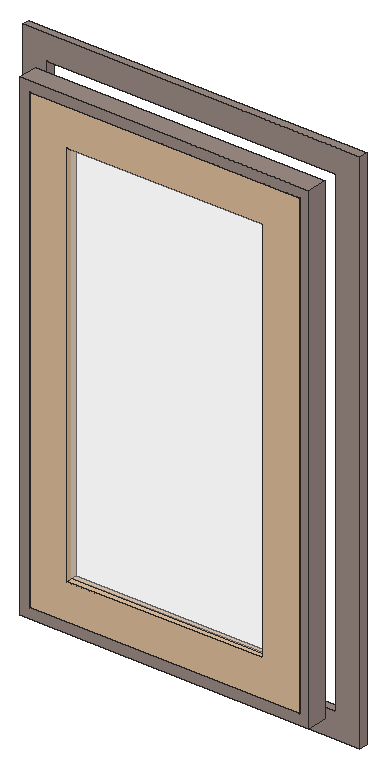
Revit family
Parameters (values of type "900 x 1500 mm")
  Top Rail = 100 mm
  Stile = 100 mm
  Shutter = Light Wood
  Height = 1500 mm
  Glass Panel = Glass (2)
  Frame Width = 45 mm
  Frame Depth = 60 mm
  Frame = Dark Wood
  Default Sill Height = 800 mm
  TrimProjection = 25 mm
  Wall Closure = (empty or 0)
  Width = 900 mm
  Bottom Rail = 100 mm
Types (4, lengths in mm): name | Width
  (no name) | 900
  900 x 1500 mm | 900
  750 x 1500 mm | 750
  1000 x 1500 mm | 1000
Reference planes
  plane 1: y = 0
  plane 2 "Center (Left/Right)": x = 0
  plane 3 "Left": x = -450
  plane 4 "Right": x = 450
  plane 5 "Sill": z = 800
  plane 6 "Head": z = 2300
  plane 7 "Exterior": y = 75
  plane 8 "Interior": y = -75
  plane 9: x = -405
  plane 10: x = 405
  plane 11: y = 30
  plane 12: y = -30
  plane 13: z = 2255
  plane 14: z = 845
  plane 15: x = -305
  plane 16: x = 305
  plane 17: z = 2155
  plane 18: z = 945
Forms (mm)
  Extrusion 1, solid, material "Dark Wood" <- "Frame", detail levels medium+fine
    sketch origin (3500, 75, 0) x (-1, 0, 0) y (0, 0, 1)
      loop
        line (3050, 2300) -> (3050, 800) -> (3950, 800) -> (3950, 2300) -> (3050, 2300)
      loop
        line (2975, 2375) -> (2975, 725) -> (4025, 725) -> (4025, 2375) -> (2975, 2375)
    from 0 to 25
  Sweep 2, solid, material "Dark Wood" <- "Frame"
    path origin (0, 0, 0) x (1, 0, 0) y (0, 0, 1)
      loop
        line (-450, 800) -> (450, 800) -> (450, 2300) -> (-450, 2300) -> (-450, 800)
    profile origin (0, 0, 1550) x (-1, 0, 0) y (0, -1, 0)
      loop
        line (450, 30) -> (420, 30) -> (420, -5) -> (405, -5) -> (405, -30) -> (450, -30) -> (450, 30)
  Extrusion 3, solid, material "Light Wood" <- "Shutter"
    sketch origin (0, -30, 0) x (1, 0, 0) y (0, 0, 1)
      loop
        line (-420, 2270) -> (-420, 830) -> (420, 830) -> (420, 2270) -> (-420, 2270)
      loop
        line (-305, 2155) -> (-305, 945) -> (305, 945) -> (305, 2155) -> (-305, 2155)
    from 0 to -35
  Extrusion 4, solid, material "Glass (2)" <- "Glass Panel"
    sketch origin (0, 0, 945) x (0, -1, 0) y (-1, 0, 0)
      loop
        line (14.5, 305) -> (10.5, 305) -> (10.5, -305) -> (14.5, -305) -> (14.5, 305)
    from 0 to -1210
Lines and regions (mm)
  Opening 1
    outline origin (3500, -75, 0) x (1, 0, 0) y (0, 0, 1)
      loop
        line (-3050, 800) -> (-3050, 2300) -> (-3950, 2300) -> (-3950, 800) -> (-3050, 800)
  symbolic lines, style "WindowsFrameMullionProjection", detail levels medium+fine
    curve 1: line (-450, 30, 0) -> (-450, -30, 0)
    curve 2: line (-450, 30, 0) -> (-405, 30, 0)
    curve 3: line (-450, -30, 0) -> (-420, -30, 0)
    curve 4: line (-405, 30, 0) -> (-405, 5, 0)
    curve 5: line (-405, 5, 0) -> (-420, 5, 0)
    curve 6: line (-420, -30, 0) -> (-420, 5, 0)
    curve 7: line (405, 30, 0) -> (405, 5, 0)
    curve 8: line (405, 5, 0) -> (420, 5, 0)
    curve 9: line (420, 5, 0) -> (420, -30, 0)
    curve 10: line (405, 30, 0) -> (450, 30, 0)
    curve 11: line (450, 30, 0) -> (450, -30, 0)
    curve 12: line (450, -30, 0) -> (420, -30, 0)
  symbolic lines, style "Plan Swing", detail levels coarse
    curve 13: line (385, -30, 0) -> (420, -30, 0)
  symbolic lines, style "Plan Swing"
    curve 14: line (-420, 5, 0) -> (420, 5, 0)
    curve 15: line (-420, -30, 0) -> (420, -30, 0)
  symbolic lines, style "Trim"
    curve 16: line (-525, 100, 0) -> (525, 100, 0)
    curve 17: line (-525, 75, 0) -> (-525, 100, 0)
    curve 18: line (525, 75, 0) -> (-525, 75, 0)
    curve 19: line (525, 100, 0) -> (525, 75, 0)
  symbolic lines, style "WindowsFrameMullionProjection", detail levels coarse
    curve 20: line (-420, -30, 0) -> (-450, -30, 0)
    curve 21: line (-420, 30, 0) -> (-420, -30, 0)
    curve 22: line (-450, 30, 0) -> (-420, 30, 0)
    curve 23: line (-450, -30, 0) -> (-450, 30, 0)
    curve 24: line (420, -30, 0) -> (450, -30, 0)
    curve 25: line (420, 30, 0) -> (420, -30, 0)
    curve 26: line (450, 30, 0) -> (420, 30, 0)
    curve 27: line (450, -30, 0) -> (450, 30, 0)
  symbolic lines, style "Elevation Swing Coarse", detail levels coarse
    curve 28: line (-405, 0, 2255) -> (405, 0, 1550)
    curve 29: line (405, 0, 1550) -> (-405, 0, 845)
  symbolic lines, style "Elevation Swing Medium", detail levels medium
    curve 30: line (-405, 0, 2255) -> (405, 0, 1550)
    curve 31: line (405, 0, 1550) -> (-405, 0, 845)
  symbolic lines, style "Elevation Swing Fine", detail levels fine
    curve 32: line (-405, 0, 2255) -> (405, 0, 1550)
    curve 33: line (405, 0, 1550) -> (-405, 0, 845)
Text (mm)
  text "EXTERIOR" at (-1981.535, 863.181, 0), in view "Ref. Level"
  text "INTERIOR" at (-2017.992, -707.606, 0), in view "Ref. Level"
  text "Exterior" at (0, 923.751, 2943.296), in view "Right"
  text "Exterior" at (0, 1019.841, 2788.626), in view "Left"
Dimensions and locks
  equal spacing: plane 3 "Left", plane 2 "Center (Left/Right)", plane 4 "Right"
  "Width": plane 3 "Left" to plane 4 "Right"
  "Height": plane 5 "Sill" to plane 6 "Head"
  "Default Sill Height": plane 5 "Sill" to level
  "TrimProjection": Extrusion 1 to host wall
  locked: plane 7 "Exterior" to host wall
  locked: plane 8 "Interior" to host wall
  locked: Sweep 2 sketch curve to Sweep 2 sketch curve at 15
  locked: Sweep 2 sketch curve to Sweep 2 sketch curve at 35
  "Frame Width": plane 3 "Left" to plane 9
  "Frame Width": plane 10 to plane 4 "Right"
  equal spacing: plane 12, plane 1, plane 11
  "Frame Depth": plane 12 to plane 11
  "Frame Width": plane 6 "Head" to plane 13
  "Frame Width": plane 14 to plane 5 "Sill"
  "Stile": plane 15 to plane 9
  "Stile": plane 10 to plane 16
  "Top Rail": plane 13 to plane 17
  "Bottom Rail": plane 18 to plane 14
  locked: Extrusion 4 sketch curve to Extrusion 3 at 15.5
  locked: Extrusion 3 to Extrusion 4 sketch curve at 15.5
  plane 6 "Head" to plane 5 "Sill" = 1500 mm
  equal spacing: plane 14, curve 29, plane 13
  equal spacing: plane 8 "Interior", plane 1, plane 7 "Exterior"
  aligned and locked: host wall to Sweep 2 sketch curve
  aligned and locked: Sweep 2 sketch curve to host wall  (x3)
  aligned and locked: plane 12 to Sweep 2 sketch curve
  aligned and locked: Sweep 2 sketch curve to plane 3 "Left"
  aligned and locked: plane 11 to Sweep 2 sketch curve
  aligned and locked: plane 9 to Sweep 2 sketch curve
  aligned and locked: Sweep 2 sketch curve to plane 9
  aligned and locked: Extrusion 3 sketch curve to Sweep 2  (x4)
  aligned and locked: plane 15 to Extrusion 3 sketch curve
  aligned and locked: plane 17 to Extrusion 3 sketch curve
  aligned and locked: plane 18 to Extrusion 3 sketch curve
  aligned and locked: Extrusion 3 sketch curve to plane 16
  aligned and locked: plane 12 to Extrusion 3
  aligned and locked: Extrusion 3 to Sweep 2  (x3)
  aligned and locked: Extrusion 3 to plane 16
  aligned and locked: plane 15 to Extrusion 3
  aligned and locked: plane 17 to Extrusion 3
  aligned and locked: Extrusion 3 to plane 18
  aligned and locked: plane 15 to Extrusion 4 sketch curve
  aligned and locked: Extrusion 4 sketch curve to Extrusion 3
  aligned and locked: plane 18 to Extrusion 4
  aligned and locked: plane 16 to Extrusion 4
  aligned and locked: Extrusion 4 to plane 15
  aligned and locked: Extrusion 4 to plane 17
  aligned and locked: Sweep 2 to curve 1
  aligned and locked: curve 1 to Sweep 2
  aligned and locked: curve 3 to Sweep 2
  aligned and locked: curve 4 to Sweep 2
  aligned and locked: curve 5 to Sweep 2
  aligned and locked: curve 6 to Sweep 2
  aligned and locked: Sweep 2 to curve 7  (x2)
  aligned and locked: curve 7 to Sweep 2
  aligned and locked: curve 9 to Sweep 2
  aligned and locked: curve 11 to Sweep 2
  aligned and locked: curve 12 to Sweep 2
  aligned and locked: plane 12 to curve 13
  aligned and locked: curve 3 to curve 15
  aligned and locked: curve 16 to Extrusion 1  (x2)
  aligned and locked: Extrusion 1 to curve 19
  aligned and locked: curve 19 to Extrusion 1
  aligned and locked: curve 23 to Sweep 2
  aligned and locked: plane 12 to curve 24
  aligned and locked: curve 27 to Sweep 2  (x2)
  aligned and locked: curve 28 to Sweep 2  (x2)
  aligned and locked: Sweep 2 to curve 29
Automatic sketch dimensions
  Opening 1 sketch curve to plane 3 "Left" = 0 mm
  Opening 1 sketch curve to plane 4 "Right" = 0 mm
  Opening 1 sketch curve to plane 5 "Sill" = 0 mm
  Opening 1 sketch curve to plane 6 "Head" = 0 mm
  Extrusion 1 sketch curve to plane 4 "Right" = 0 mm
  Extrusion 1 sketch curve to plane 3 "Left" = 0 mm
  Extrusion 1 sketch curve to plane 4 "Right" = 75 mm
  plane 3 "Left" to Extrusion 1 sketch curve = 75 mm
  Extrusion 1 sketch curve to plane 5 "Sill" = 0 mm
  Extrusion 1 sketch curve to plane 6 "Head" = 0 mm
  Extrusion 1 sketch curve to Extrusion 1 sketch curve = 75 mm
  Extrusion 1 sketch curve to plane 6 "Head" = 75 mm
  curve 13 to plane 10 = 20 mm
  curve 14 to curve 5 = 0 mm
  curve 28 to plane 13 = 0 mm
  curve 30 to plane 9 = 0 mm
  curve 30 to plane 13 = 0 mm
  curve 32 to plane 9 = 0 mm
  curve 32 to plane 13 = 0 mm
  curve 29 to plane 14 = 0 mm
  curve 33 to plane 9 = 0 mm
  curve 33 to plane 14 = 0 mm
  curve 31 to plane 9 = 0 mm
  curve 31 to plane 14 = 0 mm
